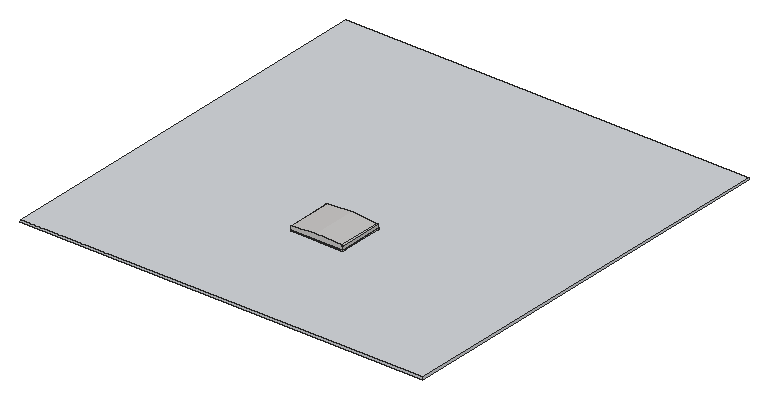
Revit family
Parameters (values of type "B-4354")
  Warranty Duration (Years) = 0
  Unit Width = 1' - 0 3/4"
  Unit Height = 0' - 11"
  Unit Depth = 0' - 3 3/8"
  URL = "http://www.bobrick.com/Pages/default.aspx"
  Test Data = ""
  Specification = ""
  SpecWizard = ""
  Send Message = "http://www.arcat.com/users.pl?action=UserEmail&company=Bobrick+Washroom+Equipment,+Inc.&coid=30988&rep=156&fax=818-503-1930&mf="
  Sales Information = "http://www.bobrick.com/Pages/ContactUs.aspx"
  Revision = "R1_10_2012"
  Product Properties = ""
  Product Data = "http://arcat.com/arcatcos/cos30/arc30988.html?isac=1&r=1"
  Mounting Height [instance] = 2' - 6"
  Model = "B-4354"
  Manufacturer Website = "http://www.bobrick.com/Pages/default.aspx"
  Manufacturer Phone - Toll Free = ""
  Manufacturer Phone = "818-764-1000"
  Manufacturer Fax = "818-503-1930"
  Manufacturer Address = "11611 Hart St. North Hollywood, CA 91605-5882"
  Manufacturer = "Bobrick Washroom Equipment, Inc."
  Maintenance Schedule (Months) = 0
  Keynote = "102813"
  Installation-Fabrication = "http://www.bobrick.com/washroomaccessories/Pages/WashroomAccessories.aspx"
  Installation Phase = ""
  Green Building-LEED = ""
  Frame = 0' - 0 1/8"
  Finish Material = Stainless Steel - Bobrick - Satin
  Expected Lifespan (Years) = 0
  Drawn By = "Sumex Design, Inc. / Robert S. Weygant, CSI, CDT, SCIP"
  Description = "Bobrick B-4354 Contura Series Partition Mounted Two Compartment Sanitary Napkin Disposal"
  Default Elevation = 4' - 0"
  Copyright = "©Arcat Inc."
  Construction Details = ""
  Capacity = "0.7 gal Waste"
  Building Codes = ""
  Assembly Code = "E1090900"
  Partition Panel Thickness [instance] = 0' - 0 1/2"
Reference planes (in)
  plane 1 "Center (Front/Back)": y = -15.27665
  plane 2 "Wall 1": z = 0
  plane 3 "Center (Left/Right)": x = 0
  plane 4: y = -9.77665
  plane 5: y = -20.77665
  plane 6: x = -6.375
  plane 7: x = 6.375
  plane 8: z = 0.125
  plane 9 "Wall 2": z = -0.5
  plane 10: z = -0.625
  plane 11: z = -1.9375
  plane 12: z = -0.25
  plane 13: z = 1.4375
  plane 14 "FF": y = -40.02665
  plane 15: y = -10.02665
Forms (in)
  Extrusion 1, solid
    sketch origin (0, 0, 0) x (1, 0, 0) y (0, 1, 0)
      loop
        line (-48, 48) -> (-48, -48.76397) -> (47.78989, -48.76397) -> (47.78989, 48) -> (-48, 48)
    from 0 to -0.5
  Extrusion 2, void
    sketch origin (0, 0, 0) x (1, 0, 0) y (0, 1, 0)
      loop
        line (-5.5, -10.58915) -> (-5.5, -19.96415) -> (5.5, -19.96415) -> (5.5, -10.58915) -> (-5.5, -10.58915)
    from -0.5 to 0
  Extrusion 3, solid, material "Stainless Steel - Bobrick - Satin" <- "Finish Material"
    sketch origin (0, 0, 0) x (1, 0, 0) y (0, 1, 0)
      loop
        arc (-5.875, -9.77665) -> (-6.22855, -9.9231) -> (-6.375, -10.27665) r 0.5
        line (-6.375, -10.27665) -> (-6.375, -20.27665)
        arc (-6.375, -20.27665) -> (-6.22855, -20.6302) -> (-5.875, -20.77665) r 0.5
        line (-5.875, -20.77665) -> (5.875, -20.77665)
        arc (5.875, -20.77665) -> (6.22855, -20.6302) -> (6.375, -20.27665) r 0.5
        line (6.375, -20.27665) -> (6.375, -10.27665)
        arc (6.375, -10.27665) -> (6.22855, -9.9231) -> (5.875, -9.77665) r 0.5
        line (5.875, -9.77665) -> (-5.875, -9.77665)
    from 0 to 0.125
  Extrusion 4, solid, material "Stainless Steel - Bobrick - Satin" <- "Finish Material"
    sketch origin (0, 0, 0) x (1, 0, 0) y (0, 1, 0)
      loop
        arc (-5.875, -9.77665) -> (-6.22855, -9.9231) -> (-6.375, -10.27665) r 0.5
        line (-6.375, -10.27665) -> (-6.375, -20.27665)
        arc (-6.375, -20.27665) -> (-6.22855, -20.6302) -> (-5.875, -20.77665) r 0.5
        line (-5.875, -20.77665) -> (5.875, -20.77665)
        arc (5.875, -20.77665) -> (6.22855, -20.6302) -> (6.375, -20.27665) r 0.5
        line (6.375, -20.27665) -> (6.375, -10.27665)
        arc (6.375, -10.27665) -> (6.22855, -9.9231) -> (5.875, -9.77665) r 0.5
        line (5.875, -9.77665) -> (-5.875, -9.77665)
    from -0.625 to -0.5
  Extrusion 5, solid, material "Stainless Steel - Bobrick - Satin" <- "Finish Material"
    sketch origin (0, -15.27665, 0) x (1, 0, 0) y (0, 0, 1)
      loop
        line (-6.125, 0.125) -> (6.125, 0.125) -> (6.125, 0.78278)
        arc (6.125, 0.78278) -> (6.06351, 0.94699) -> (5.90928, 1.03042) r 0.25
        arc (5.90928, 1.03042) -> (0, 1.4375) -> (-5.90928, 1.03042) r 43.09375
        arc (-5.90928, 1.03042) -> (-6.06351, 0.94699) -> (-6.125, 0.78278) r 0.25
        line (-6.125, 0.78278) -> (-6.125, 0.125)
      loop
        line (-6.125, -0.625) -> (-6.125, -1.28278)
        arc (-6.125, -1.28278) -> (-6.06351, -1.44699) -> (-5.90928, -1.53042) r 0.25
        arc (-5.90928, -1.53042) -> (0, -1.9375) -> (5.90928, -1.53042) r 43.09375
        arc (5.90928, -1.53042) -> (6.06351, -1.44699) -> (6.125, -1.28278) r 0.25
        line (6.125, -1.28278) -> (6.125, -0.625) -> (-6.125, -0.625)
    from -5.25 to 5.25
  Extrusion 6, solid, material "Stainless Steel - Bobrick - Satin" <- "Finish Material"
    sketch origin (0, -15.27665, 0) x (1, 0, 0) y (0, 0, 1)
      loop
        line (-5.125, 0.125) -> (-5.125, -0.625) -> (5.125, -0.625) -> (5.125, 0.125) -> (-5.125, 0.125)
    from -4.46112 to 4.52405
  Extrusion 7, void
    sketch origin (0, 0, 0) x (0, 1, 0) y (0, 0, 1)
      loop
        arc (-10.02665, 1.00153) -> (-10.24675, 0.78143) -> (-10.02665, 0.56133) r 0.2201
        line (-10.02665, 0.56133) -> (-10.02665, 1.00153)
      loop
        line (-10.02665, -1.50153) -> (-10.02665, -1.06133)
        arc (-10.02665, -1.06133) -> (-10.24675, -1.28143) -> (-10.02665, -1.50153) r 0.2201
    from -2 to 2
Cuts and joins
  Extrusion 7 cuts Extrusion 3
  Extrusion 7 cuts Extrusion 4
  Extrusion 7 cuts Extrusion 5
Lines and regions (in)
  symbolic lines, style "SpecialityEquipmentHiddenLines"
    curve 1: line (-6.125, -10.02665, 0) -> (0, -20.52665, 0)
    curve 2: line (0, -20.52665, 0) -> (6.125, -10.02665, 0)
Dimensions and locks (in)
  "Frame": plane 8 to level
  equal spacing: plane 4, plane 1 "Center (Front/Back)", plane 5
  "Unit Height": plane 4 to plane 5
  equal spacing: plane 6, plane 3 "Center (Left/Right)", plane 7
  "Unit Width": plane 6 to plane 7
  "Frame": plane 9 "Wall 2" to plane 10
  equal spacing: plane 2 "Wall 1", plane 12, plane 9 "Wall 2"
  equal spacing: plane 13, plane 12, plane 11
  "Unit Depth": plane 13 to plane 11
  "Partition Panel Thickness": Extrusion 1 to plane 9 "Wall 2"
  locked: plane 13 to Extrusion 5 sketch curve at 43.09375
  locked: Extrusion 5 sketch curve to plane 11 at 43.09375
  locked: plane 13 to Extrusion 5 sketch curve at 0.65472  (x2)
  locked: Extrusion 5 sketch curve to plane 11 at 0.65472  (x2)
  locked: plane 7 to Extrusion 6 sketch curve at 1.25
  locked: plane 6 to Extrusion 6 sketch curve at 1.25
  locked: Extrusion 7 sketch curve to plane 13 at 0.65607
  locked: Extrusion 7 sketch curve to plane 11 at 0.65607
  locked: plane 15 to plane 4 at 0.25
  "Mounting Height": plane 14 "FF" to plane 15
  aligned and locked: plane 2 "Wall 1" to Extrusion 1
  aligned and locked: level to Extrusion 1
  aligned and locked: Extrusion 2 to plane 9 "Wall 2"
  aligned and locked: level to Extrusion 2
  aligned and locked: plane 8 to Extrusion 3
  aligned and locked: Extrusion 3 to level
  aligned and locked: Extrusion 4 to plane 10
  aligned and locked: plane 9 "Wall 2" to Extrusion 4
  aligned and locked: Extrusion 5 sketch curve to plane 8
  aligned and locked: Extrusion 5 sketch curve to plane 10
  aligned and locked: Extrusion 6 sketch curve to plane 8
  aligned and locked: plane 10 to Extrusion 6 sketch curve
Automatic sketch dimensions
  Extrusion 1 sketch curve to Extrusion 1 sketch curve = 7' - 11.78989"
  Extrusion 1 sketch curve to Extrusion 1 sketch curve = 8' - 0.76397"
  plane 6 to Extrusion 2 sketch curve = 0' - 0 7/8"
  Extrusion 2 sketch curve to plane 7 = 0' - 0 7/8"
  plane 5 to Extrusion 2 sketch curve = 0' - 0 13/16"
  Extrusion 2 sketch curve to plane 4 = 0' - 0 13/16"
  Extrusion 3 sketch curve to plane 6 = 0' - 0"
  Extrusion 3 sketch curve to plane 5 = 0' - 0"
  Extrusion 3 sketch curve to plane 4 = 0' - 0"
  Extrusion 3 sketch curve to plane 7 = 0' - 0"
  plane 6 to Extrusion 3 sketch curve = 0' - 0 1/2"  (x2)
  Extrusion 3 sketch curve to plane 7 = 0' - 0 1/2"  (x2)
  Extrusion 4 sketch curve to plane 6 = 0' - 0"
  Extrusion 4 sketch curve to plane 5 = 0' - 0"
  Extrusion 4 sketch curve to plane 4 = 0' - 0"
  Extrusion 4 sketch curve to plane 7 = 0' - 0"
  plane 6 to Extrusion 4 sketch curve = 0' - 0 1/2"  (x2)
  Extrusion 4 sketch curve to plane 7 = 0' - 0 1/2"  (x2)
  Extrusion 5 sketch curve to plane 3 "Center (Left/Right)" = 0' - 0"  (x2)
  plane 6 to Extrusion 5 sketch curve = 0' - 0 1/2"  (x2)
  Extrusion 5 sketch curve to Extrusion 5 sketch curve = 0' - 0.03428"  (x2)
  Extrusion 5 sketch curve to Extrusion 5 sketch curve = 0' - 0"  (x4)
  Extrusion 5 sketch curve to plane 7 = 0' - 0 1/2"  (x2)
  Extrusion 7 sketch curve to plane 4 = 0' - 0 1/4"  (x2)
  Extrusion 7 sketch curve to Extrusion 7 sketch curve = 0' - 0.2201"  (x2)
  curve 1 to plane 3 "Center (Left/Right)" = 0' - 0"
  plane 6 to curve 1 = 0' - 0 1/4"
  curve 2 to plane 7 = 0' - 0 1/4"
  plane 5 to curve 1 = 0' - 0 1/4"
  curve 2 to plane 4 = 0' - 0 1/4"
  curve 1 to plane 4 = 0' - 0 1/4"
